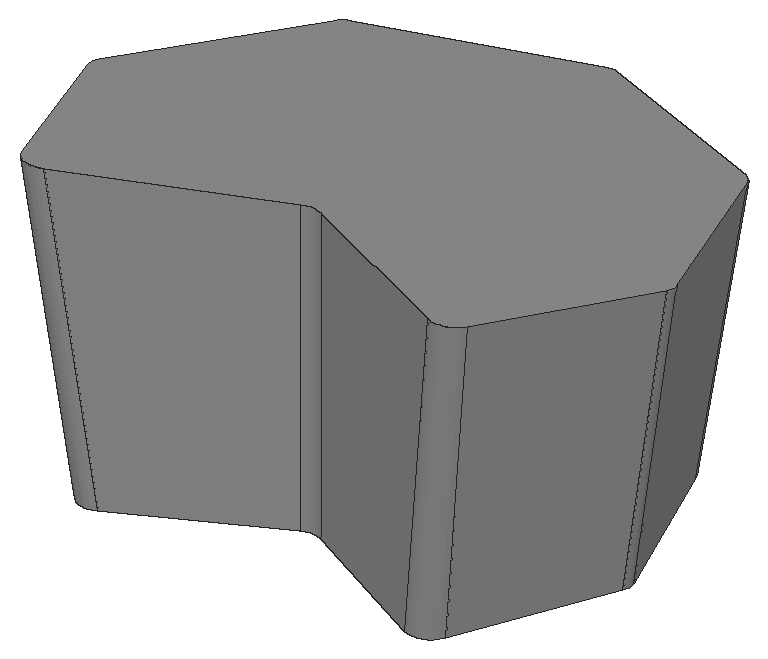
Revit family "Foot Rest", category Furniture Systems, Revit 2016
Family settings
  Part Type = Normal
  Round Connector Dimension = Use Diameter
  OmniClass Number = 23.40.00.00
  OmniClass Title = Equipment and Furnishings
  Work Plane-Based = No
  Always vertical = Yes
  Cut with Voids When Loaded = No
  Shared = No
  Room Calculation Point = No
Parameters (values of type "SSTP")
  URL = "www.gof.co.uk"
  Seat = Gresham - Seat Fabric
  Range = "SEATING"
  Product Code = "SSTP"
  Model = "SOUND STATION"
  Manufacturer = "Gresham Office Funiture"  # constant formula
  Assembly Code = "E2020200"
Reference planes
  plane 1 "Center (Front/Back)": y = 0
  plane 2: z = 0
  plane 3 "Center (Left/Right)": x = 0
  plane 4: through (193.747, 193.747, 1200) normal (-0.7071, 0.7071, 0)
Forms (mm)
  Blend 1, solid, material "Gresham - Seat Fabric"
    base sketch origin (0, 0, 0) x (1, 0, 0) y (0, 1, 0)
      loop
        line (-7.654, 270.83) -> (-186.094, 196.918)
        arc (-186.094, 196.918) -> (-192.582, 192.582) -> (-196.918, 186.094) r 20
        line (-196.918, 186.094) -> (-270.83, 7.654)
        arc (-270.83, 7.654) -> (-272.352, 0) -> (-270.83, -7.654) r 20
        line (-270.83, -7.654) -> (-204.151, -168.63)
        arc (-204.151, -168.63) -> (-189.646, -182.54) -> (-169.588, -181.278) r 25
        line (-169.588, -181.278) -> (-11.466, -99.665)
        arc (-11.466, -99.665) -> (0, -96.881) -> (11.466, -99.665) r 25
        line (11.466, -99.665) -> (169.588, -181.278)
        arc (169.588, -181.278) -> (189.646, -182.54) -> (204.151, -168.63) r 25
        line (204.151, -168.63) -> (270.83, -7.654)
        arc (270.83, -7.654) -> (272.352, 0) -> (270.83, 7.654) r 20
        line (270.83, 7.654) -> (196.918, 186.094)
        arc (196.918, 186.094) -> (192.582, 192.582) -> (186.094, 196.918) r 20
        line (186.094, 196.918) -> (7.654, 270.83)
        arc (7.654, 270.83) -> (0, 272.352) -> (-7.654, 270.83) r 20
    top sketch origin (0, 0, 0) x (1, 0, 0) y (0, 1, 0)
      loop
        line (11.466, -99.665) -> (214.175, -204.291)
        arc (214.175, -204.291) -> (234.233, -205.553) -> (248.739, -191.643) r 25
        line (248.739, -191.643) -> (324.949, -7.654)
        arc (324.949, -7.654) -> (326.472, 0) -> (324.949, 7.654) r 20
        line (324.949, 7.654) -> (235.186, 224.362)
        arc (235.186, 224.362) -> (230.85, 230.85) -> (224.362, 235.186) r 20
        line (224.362, 235.186) -> (7.654, 324.949)
        arc (7.654, 324.949) -> (0, 326.472) -> (-7.654, 324.949) r 20
        line (-7.654, 324.949) -> (-224.362, 235.186)
        arc (-224.362, 235.186) -> (-230.85, 230.85) -> (-235.186, 224.362) r 20
        line (-235.186, 224.362) -> (-324.949, 7.654)
        arc (-324.949, 7.654) -> (-326.472, 0) -> (-324.949, -7.654) r 20
        line (-324.949, -7.654) -> (-248.739, -191.643)
        arc (-248.739, -191.643) -> (-234.233, -205.553) -> (-214.175, -204.291) r 25
        line (-214.175, -204.291) -> (-11.466, -99.665)
        arc (-11.466, -99.665) -> (0, -96.881) -> (11.466, -99.665) r 25
    from 0 to 350
  Extrusion 2, void
    sketch origin (0, 0, 0) x (0, 1, 0) y (0, 0, 1)
      loop
        line (488.355, 260.662) -> (488.355, 503.327) -> (-340.631, 503.327) -> (-340.631, 347.792) -> (488.355, 260.662)
    from -403.756 to 415.414
Cuts and joins
  Extrusion 2 cuts Blend 1
Dimensions and locks
  aligned and locked: level to plane 2
